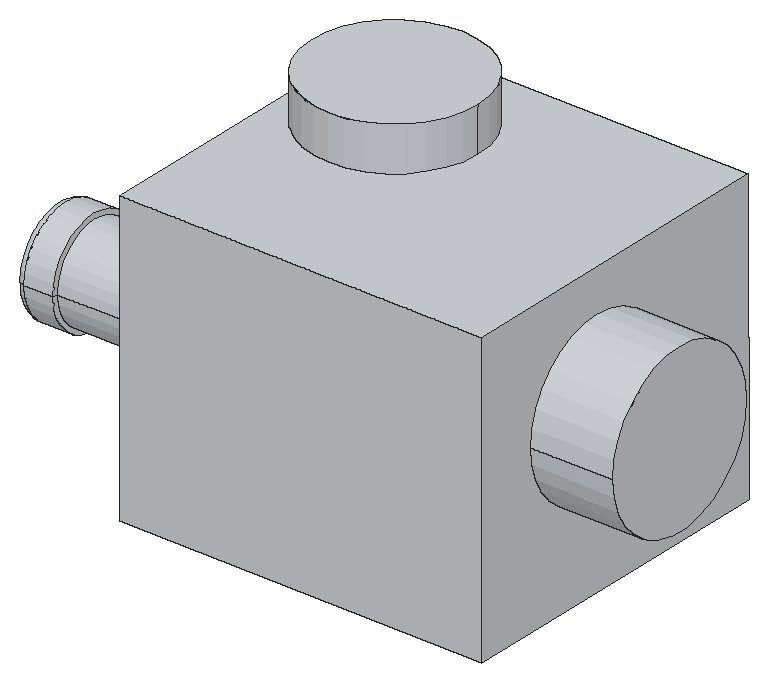
Revit family "HVAC_Flue-Fan_DaVinci_InLine-HighPower-Vent", category Mechanical Equipment, Revit 2026
Family settings
  Round Connector Dimension = Use Diameter
  Part Type = Normal
  Classification Number = 23.75.35.17.11
  Work Plane-Based = Yes
  Always vertical = No
  Cut with Voids When Loaded = No
  Maintain Annotation Orientation = No
  Shared = No
  Room Calculation Point = No
Parameters (values of type "as Specified")
  Warranty Duration (Years) = 0
  Unit Width = 1' - 5 3/8"
  Unit Weight = 60
  Unit Height = 1' - 2"
  Unit Depth = 1' - 4"
  URL = "http://www.davincifireplace.com/"
  Type Comments = "Avoid Installing Motor Face Down"
  Specification = "http://www.arcat.com/sdspecs/htm04/10_31_00.10tra.htm"
  SpecWizard = "http://www.arcat.com/specwizard/10307tra/index04.htm"
  Send Message = ""
  Sales Information = "http://www.davincifireplace.com/ContactUs.aspx"
  Rotate Vertical [instance] = no
  Rotate [instance] = if(Rotate Vertical, 90.00°, 0.00°)  # 0.00°
  Revision = "R1_2017-08"
  Product Properties = ""
  Product Data = "http://www.arcat.com/arcatcos/cos49/arc49714.html"
  Operating Temperature = 400 °F
  Move Vertically [instance] = if(Rotate Vertical, 1' 0 11/16", 0' 0")  # 0' - 0"
  Move Horizontally [instance] = if(Rotate Vertical, 0' 8", 0' 0")  # 0' - 0"
  Motor RPM = 1600
  Motor HP = 0.5
  Model = "RSIF 180"
  Manufacturer Website = "http://www.davincifireplace.com/"
  Manufacturer Phone - Toll Free = "800-654-1177"
  Manufacturer Phone = "425-609-2500"
  Manufacturer Fax = "425-609-2781"
  Manufacturer Address = "12521 Harbour Reach Dr.  Mukilteo, WA 98275"
  Manufacturer = "DaVinci Custom Fireplaces"
  Maintenance Schedule (Months) = 0
  Keynote = "10 31 00"
  Installation-Fabrication = ""
  Installation Phase = ""
  Housing Finish [instance] = none
  HVAC_Entry Diameter [instance] = 8"
  Green Building-LEED = ""
  Expected Lifespan (Years) = 0
  Electrical_Wattage = 350 W
  Electrical_Voltage = 120 V
  Electrical_Phase = 1
  Electrical_Number of Poles = 1
  Electrical_Amperage = 5.8 A
  Drawn By = "Sumex Design, Inc. / Robert S. Weygant, CSI, CDT, SCIP"
  Description = "DaVinci In Line Interior Power Vent - RSIF 180 as Specified"
  Default Elevation = 0' - 0"
  Copyright = "©Arcat Inc."
  Construction Details = "http://www.arcat.com/details/davinfp/davinfp.html?coid=49714"
  Assembly Code = "D3060500"
Reference planes (in)
  plane 1 "Center (Front/Back)": y = 0
  plane 2 "Bottom": z = 0
  plane 3 "Center (Left/Right)": x = 0
  plane 4: z = 0
  plane 5: x = 0
Lines and regions (in)
  reference lines
    curve 1: line (0, 0, 0) -> (0, 0, 30.07893)
Dimensions and locks (in)
  "Move Vertically": plane 4 to level
  "Move Horizontally": plane 3 "Center (Left/Right)" to plane 5
  "Rotate": angle curve 1 to plane 3 "Center (Left/Right)"
  aligned and locked: plane 1 "Center (Front/Back)" to nested 1
  aligned and locked: plane 4 to curve 1
  aligned and locked: plane 5 to curve 1
Nested families (in)
  nested 1: "Housing" at (0, 0, 0), finish <- "Housing Finish", type "Housing"
    with finish none
Connectors (in)
  hvac at (12.6875, 0, 8), driven by "HVAC_Entry Diameter"
    settings: on nested 1, index 1, duct flow 0 CFM, flow factor 0, pres drop 0.00 in-wg, loss coef 0, conn angle 0.00°, conn width 12", conn height 12", conn diameter 8", duct sys type 3, conn prof type 0, flow config 0, flow direction 1, loss method 0, conn ref index -1, conn util no, is conn primary yes, conn desc "Exhaust Air In"
  hvac at (-4.1875, 4, 16.125), driven by "HVAC_Entry Diameter"
    settings: on nested 1, index 2, duct flow 0 CFM, flow factor 0, pres drop 0.00 in-wg, loss coef 0, conn angle 0.00°, conn width 12", conn height 12", conn diameter 8", duct sys type 3, conn prof type 0, flow config 0, flow direction 2, loss method 0, conn ref index -1, conn util no, is conn primary no, conn desc "Exhaust Air Out"
  electrical at (0, 1.125, 14), driven by "Electrical_Number of Poles", driven by "Electrical_Voltage", driven by "Electrical_Wattage"
    settings: on nested 1, index 3, voltage 120 V, apparent load 0 VA, apparent load phase1 350 VA, apparent load phase2 0 VA, apparent load phase3 0 VA, power factor 1, load classification "Motor", number of poles 1, system type 31, power factor state 1, is connector primary yes, connector utility no, sub classification motor no, connector description ""
Definition of nested family "Housing"
  Parameters
    finish [instance] = none
    Default Elevation = 4' - 0"
  Reference planes (in)
    plane 1 "Center (Front/Back)": y = 0
    plane 2: z = 0
    plane 3 "Center (Left/Right)": x = 0
  Forms (in)
    Extrusion 1, solid, material <- "finish"
      sketch origin (0, 0.25, 0) x (1, 0, 0) y (0, 1, 0)
        loop
          line (-8.6875, 8.875) -> (-8.6875, -7.125) -> (8.6875, -7.125) -> (8.6875, 8.875) -> (-8.6875, 8.875)
      from 0 to 14
    Extrusion 2, solid, material <- "finish"
      sketch origin (8.6875, 10.125, 0) x (0, -1, 0) y (0, 0, -1)
        loop
          circle (10.125, -8) r 4
      from 0 to 4
    Extrusion 3, solid, material <- "finish"
      sketch origin (0, 0.25, 14) x (1, 0, 0) y (0, 1, 0)
        loop
          circle (-4.1875, 3.75) r 4
      from 0 to 2.125
    Revolve 4, solid, material <- "finish"
      sketch origin (0, -0.25, 6.25) x (1, 0, 0) y (0, 1, 0)
        loop
          line (-8.6875, -3.25) -> (-8.6875, -1) -> (-16.1875, -1) -> (-16.1875, -3.125)
          arc (-16.1875, -3.125) -> (-16.07767, -3.39017) -> (-15.8125, -3.5) r 0.375
          line (-15.8125, -3.5) -> (-14.4375, -3.5) -> (-14.4375, -3.25) -> (-8.6875, -3.25)
        axis (-8.6875, -1) -> (-16.1875, -1)
      angle from 0 to 360
  Dimensions and locks (in)
    aligned and locked: plane 2 to level
